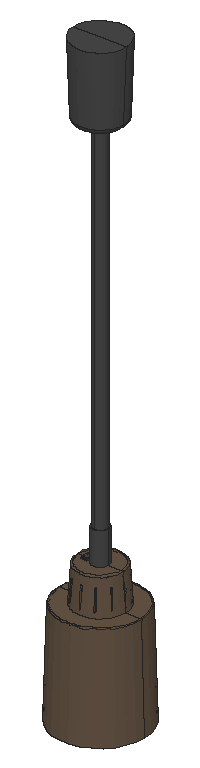
Revit family "Värmelampa Compact 27001", category Lighting Fixtures, host Ceiling, Revit 2020
Family settings
  Host = Ceiling
  Round Connector Dimension = Use Diameter
  Part Type = Normal
  OmniClass Number = 23.80.70.11
  OmniClass Title = Luminaries for Internal Lighting
  Always vertical = Yes
  Cut with Voids When Loaded = No
  Light Source = No
  Shared = No
  Room Calculation Point = No
Parameters (values of type "27001-C")
  Model = ""
  Lamp Type = Värmelampa Compact M 27001 : 27001-C
  Lamp Hanger Material = AMA - Glossy Black Dark
  Default Elevation = 0 mm
  Artikelnummer = "27001-C"
  Adjustable length [instance] = 950 mm
Types (4, lengths in mm): name | Lamp Type | Artikelnummer
  27001-S | Värmelampa Compact M 27001 : 27001-S | "27001-S"
  27001-C | Värmelampa Compact M 27001 : 27001-C | "27001-C"
  27001-W | Värmelampa Compact M 27001 : 27001-W | "27001-W"
  27001-S1 | Värmelampa Compact M 27001 : 27001-S1 | "27001-S1"
Reference planes
  plane 1 "Light Source Axis (F/B)": y = 0
  plane 2: z = 0
  plane 3 "Light Source Axis (L/R)": x = 0
  plane 4 "Ceiling": z = 4000
  plane 5 "Light Source Elevation": z = 3750
  plane 6: z = 3050
  plane 7: x = -41
  plane 8: x = -70
  plane 9: x = 70
  plane 10: z = 3270
  plane 11: z = 3320
Forms (mm)
  Revolve 1, solid, material "AMA - Glossy Black Dark" <- "Lamp Hanger Material"
    sketch origin (0, 0, 0) x (1, 0, 0) y (0, 0, 1)
      loop
        line (0, 4000) -> (-41, 4000) -> (-36.917, 3890.827)
        arc (-36.917, 3890.827) -> (-35.084, 3886.73) -> (-30.921, 3885.051) r 6
        line (-30.921, 3885.051) -> (-16.62, 3885.051) -> (-17.038, 3911.02) -> (0, 3911.02) -> (0, 4000)
      axis (0, 3885.051) -> (0, 4000)
    angle from 0 to 360
  Extrusion 2, solid, material "AMA - Glossy Black Dark" <- "Lamp Hanger Material"
    sketch origin (-2507.68, 6000, 3494.441) x (0, 1, 0) y (1, 0, 0)
      loop
        circle (-6000, 2507.68) r 10
    from 174.441 to -416.579
Lines and regions (mm)
  symbolic lines
    curve 1: circle (0, 0, 3494.441) r 70 normal (0, 0, -1)
    curve 2: circle (0, 0, 3494.441) r 41 normal (0, 0, -1)
    curve 3: line (-41.205, -56.588, 3494.441) -> (41.205, 56.588, 3494.441)
    curve 4: line (41.202, -56.589, 3494.441) -> (-41.202, 56.589, 3494.441)
Dimensions and locks
  equal spacing: host sketch curve, plane 3 "Light Source Axis (L/R)", host sketch curve
  equal spacing: host sketch curve, plane 1 "Light Source Axis (F/B)", host sketch curve
  host sketch curve to host sketch curve = 4000 mm  (x2)
  plane 4 "Ceiling" to host ceiling = 0 mm
  "Adjustable length": plane 6 to plane 4 "Ceiling"
  plane 8 to plane 9 = 140 mm
  equal spacing: plane 8, plane 3 "Light Source Axis (L/R)", plane 9
  plane 6 to plane 11 = 270 mm
  plane 6 to plane 10 = 220 mm
  aligned and locked: Extrusion 2 to Revolve 1
  aligned and locked: Extrusion 2 to plane 11
  aligned and locked: plane 10 to nested 1
  aligned and locked: plane 11 to nested 1
Automatic sketch dimensions
  plane 1 "Light Source Axis (F/B)" to Extrusion 2 sketch curve = 0 mm
  Extrusion 2 sketch curve to plane 3 "Light Source Axis (L/R)" = 0 mm
  Revolve 1 sketch curve to plane 4 "Ceiling" = 0 mm  (x2)
  Revolve 1 sketch curve to plane 7 = 0 mm
  Revolve 1 sketch curve to plane 3 "Light Source Axis (L/R)" = 0 mm  (x2)
  plane 7 to Revolve 1 sketch curve = 4.083 mm
  Revolve 1 sketch curve to Revolve 1 sketch curve = 5.996 mm
  Revolve 1 sketch curve to Revolve 1 sketch curve = 17.038 mm
  Revolve 1 sketch curve to Revolve 1 sketch curve = 14.301 mm
  plane 4 "Ceiling" to Revolve 1 sketch curve = 88.98 mm
  Revolve 1 sketch curve to Revolve 1 sketch curve = 19.969 mm
  Revolve 1 sketch curve to Revolve 1 sketch curve = 0.224 mm
  Revolve 1 sketch curve to Revolve 1 sketch curve = 65 mm
  curve 1 to curve 2 = 0 mm  (x2)
  plane 1 "Light Source Axis (F/B)" to curve 2 = 0 mm
  curve 2 to plane 3 "Light Source Axis (L/R)" = 0 mm
  plane 1 "Light Source Axis (F/B)" to curve 3 = 56.588 mm
  plane 9 to curve 4 = 28.798 mm
  curve 3 to plane 1 "Light Source Axis (F/B)" = 56.588 mm
  curve 4 to plane 8 = 28.798 mm
  plane 9 to curve 3 = 28.795 mm
  radius of Extrusion 2 sketch curve = 10 mm
  radius of curve 2 = 41 mm
Nested families
  nested 1: "Värmelampa Compact M 27001" at (0, 0, 3050), type <- "Lamp Type", type "27001-C"
Definition of nested family "Värmelampa Compact M 27001"
  Parameters (values of type "27001-S1")
    Main Body Material = none
    Lamp Hanger Material = none
    Default Elevation = 0 mm
    Artikelnummer = ""
  Types (4): name
    27001-S
    27001-C
    27001-W
    27001-S1
  Reference planes
    plane 1 "Light Source Axis (F/B)": y = 0
    plane 2: z = 0
    plane 3 "Light Source Axis (L/R)": x = 0
    plane 4 "Light Source Elevation": z = 1500
    plane 5: z = 220
    plane 6: x = -70
    plane 7: x = 70
  Forms (mm)
    Revolve 1, solid, material <- "Main Body Material"
      sketch origin (321.816, 0, -3150) x (1, 0, 0) y (0, 0, 1)
        loop
          line (-258.498, 3313.464) -> (-282.321, 3313.464) -> (-286.147, 3368.177)
          arc (-286.147, 3368.177) -> (-286.765, 3369.474) -> (-288.101, 3370) r 1.96
          line (-288.101, 3370) -> (-321.816, 3370) -> (-321.816, 3368) -> (-288.139, 3368) -> (-284.186, 3311.464) -> (-259.191, 3311.464) -> (-253.802, 3150) -> (-252.052, 3150) -> (-257.474, 3312.474)
          arc (-257.474, 3312.474) -> (-257.785, 3313.176) -> (-258.498, 3313.464) r 1.025
        axis (-321.816, 3370) -> (-321.816, 3150)
      angle from 0 to 360
    Extrusion 2, solid, material <- "Lamp Hanger Material"
      sketch origin (-1506.53, -5000, 220) x (-1, 0, 0) y (0, -1, 0)
        loop
          circle (-1506.53, -5000) r 12.5
      from 50 to 0
    Extrusion 3, void
      sketch origin (-6999.531, -66.458, 133.266) x (0, 0, 1) y (1, 0, 0)
        loop
          arc (38.658, 7001) -> (37.189, 6999.531) -> (38.658, 6998.062) r 1.469
          line (38.658, 6998.062) -> (70.46, 6998.062)
          arc (70.46, 6998.062) -> (71.928, 6999.531) -> (70.46, 7001) r 1.469
          line (70.46, 7001) -> (38.658, 7001)
      from 23.257 to 51.336
    Extrusion 4, void
      sketch origin (6999.531, 66.458, 133.266) x (0, 0, 1) y (-1, 0, 0)
        loop
          arc (38.658, 7001) -> (37.189, 6999.531) -> (38.658, 6998.062) r 1.469
          line (38.658, 6998.062) -> (70.46, 6998.062)
          arc (70.46, 6998.062) -> (71.928, 6999.531) -> (70.46, 7001) r 1.469
          line (70.46, 7001) -> (38.658, 7001)
      from 23.257 to 51.336
    Extrusion 5, void
      sketch origin (-6095.001, 3442.212, 133.266) x (0, 0, 1) y (0.866025, -0.5, 0)
        loop
          arc (38.658, 7001) -> (37.189, 6999.531) -> (38.658, 6998.063) r 1.469
          line (38.658, 6998.063) -> (70.46, 6998.063)
          arc (70.46, 6998.063) -> (71.928, 6999.531) -> (70.46, 7001) r 1.469
          line (70.46, 7001) -> (38.658, 7001)
      from 23.257 to 51.336
    Extrusion 6, void
      sketch origin (-3557.32, 6028.543, 133.266) x (0, 0, 1) y (0.5, -0.866025, 0)
        loop
          arc (38.658, 7001) -> (37.189, 6999.531) -> (38.658, 6998.063) r 1.469
          line (38.658, 6998.063) -> (70.46, 6998.063)
          arc (70.46, 6998.063) -> (71.928, 6999.531) -> (70.46, 7001) r 1.469
          line (70.46, 7001) -> (38.658, 7001)
      from 23.257 to 51.336
    Extrusion 7, void
      sketch origin (-66.458, 6999.531, 133.266) x (0, 0, 1) y (0, -1, 0)
        loop
          arc (38.658, 7001) -> (37.189, 6999.531) -> (38.658, 6998.062) r 1.469
          line (38.658, 6998.062) -> (70.46, 6998.062)
          arc (70.46, 6998.062) -> (71.928, 6999.531) -> (70.46, 7001) r 1.469
          line (70.46, 7001) -> (38.658, 7001)
      from 23.257 to 51.336
    Extrusion 8, void
      sketch origin (3442.212, 6095.001, 133.266) x (0, 0, 1) y (-0.5, -0.866025, 0)
        loop
          arc (38.658, 7001) -> (37.189, 6999.531) -> (38.658, 6998.063) r 1.469
          line (38.658, 6998.063) -> (70.46, 6998.063)
          arc (70.46, 6998.063) -> (71.928, 6999.531) -> (70.46, 7001) r 1.469
          line (70.46, 7001) -> (38.658, 7001)
      from 23.257 to 51.336
    Extrusion 9, void
      sketch origin (6028.543, 3557.32, 133.266) x (0, 0, 1) y (-0.866025, -0.5, 0)
        loop
          arc (38.658, 7001) -> (37.189, 6999.531) -> (38.658, 6998.063) r 1.469
          line (38.658, 6998.063) -> (70.46, 6998.063)
          arc (70.46, 6998.063) -> (71.928, 6999.531) -> (70.46, 7001) r 1.469
          line (70.46, 7001) -> (38.658, 7001)
      from 23.257 to 51.336
    Extrusion 10, void
      sketch origin (6095.001, 3442.212, 133.266) x (0, 0, 1) y (0.866025, 0.5, 0)
        loop
          line (38.658, -7001) -> (70.46, -7001)
          arc (70.46, -7001) -> (71.928, -6999.531) -> (70.46, -6998.063) r 1.469
          line (70.46, -6998.063) -> (38.658, -6998.063)
          arc (38.658, -6998.063) -> (37.189, -6999.531) -> (38.658, -7001) r 1.469
      from 23.257 to 51.336
    Extrusion 11, void
      sketch origin (3557.32, 6028.543, 133.266) x (0, 0, 1) y (0.5, 0.866025, 0)
        loop
          line (38.658, -7001) -> (70.46, -7001)
          arc (70.46, -7001) -> (71.928, -6999.531) -> (70.46, -6998.063) r 1.469
          line (70.46, -6998.063) -> (38.658, -6998.063)
          arc (38.658, -6998.063) -> (37.189, -6999.531) -> (38.658, -7001) r 1.469
      from 23.257 to 51.336
    Extrusion 12, void
      sketch origin (66.458, 6999.531, 133.266) x (0, 0, 1) y (0, 1, 0)
        loop
          line (38.658, -7001) -> (70.46, -7001)
          arc (70.46, -7001) -> (71.928, -6999.531) -> (70.46, -6998.062) r 1.469
          line (70.46, -6998.062) -> (38.658, -6998.062)
          arc (38.658, -6998.062) -> (37.189, -6999.531) -> (38.658, -7001) r 1.469
      from 23.257 to 51.336
    Extrusion 13, void
      sketch origin (-3442.212, 6095.001, 133.266) x (0, 0, 1) y (-0.5, 0.866025, 0)
        loop
          line (38.658, -7001) -> (70.46, -7001)
          arc (70.46, -7001) -> (71.928, -6999.531) -> (70.46, -6998.063) r 1.469
          line (70.46, -6998.063) -> (38.658, -6998.063)
          arc (38.658, -6998.063) -> (37.189, -6999.531) -> (38.658, -7001) r 1.469
      from 23.257 to 51.336
    Extrusion 14, void
      sketch origin (-6028.543, 3557.32, 133.266) x (0, 0, 1) y (-0.866025, 0.5, 0)
        loop
          line (38.658, -7001) -> (70.46, -7001)
          arc (70.46, -7001) -> (71.928, -6999.531) -> (70.46, -6998.063) r 1.469
          line (70.46, -6998.063) -> (38.658, -6998.063)
          arc (38.658, -6998.063) -> (37.189, -6999.531) -> (38.658, -7001) r 1.469
      from 23.257 to 51.336
    Extrusion 15, solid, material <- "Lamp Hanger Material"
      sketch origin (5999.305, 35.978, 220) x (1, 0, 0) y (0, -1, 0)
        loop
          line (-6013.857, 29) -> (-6013.857, 44) -> (-6023.857, 44) -> (-6023.857, 29) -> (-6013.857, 29)
        loop
          line (-6022.857, 43) -> (-6022.857, 30) -> (-6014.857, 30) -> (-6014.857, 43) -> (-6022.857, 43)
      from 0 to -1
    Extrusion 16, solid, material <- "Lamp Hanger Material"
      sketch origin (-24.552, -8.021, 220) x (0, 1, 0) y (0, 0, -1)
        loop
          line (14, 0) -> (1.191, 0) -> (1.191, -1) -> (1.798, -2.693)
          arc (1.798, -2.693) -> (2.088, -3.043) -> (2.534, -3.129) r 0.671
          line (2.534, -3.129) -> (14, -1.312) -> (14, 0)
      from -1 to -9
  Cuts and joins
    Extrusion 3, Extrusion 4, Extrusion 5, Extrusion 6, Extrusion 7, Extrusion 8, Extrusion 9, Extrusion 10, Extrusion 11, Extrusion 12, Extrusion 13, Extrusion 14 cuts Revolve 1
  Dimensions and locks
    plane 5 to plane 2 = 220 mm
    aligned and locked: level to plane 2
